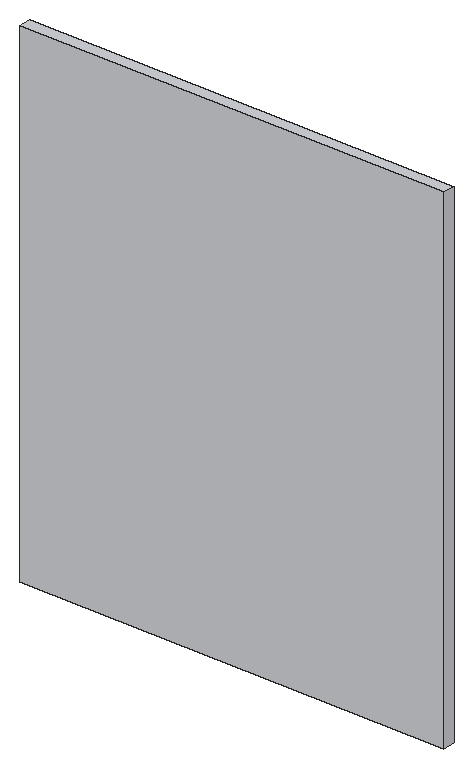
Revit family "Front - Plain", category Casework, Revit 2017
Family settings
  Work Plane-Based = No
  Always vertical = Yes
  Cut with Voids When Loaded = No
  Shared = No
  Room Calculation Point = No
Parameters
  Width = 600 mm
  Swing = yes
  Height = 704 mm
  Front Finish = none
  Depth = 16 mm
  Creator Organization [instance] = "© Danish Educational Content"  # constant formula
  Creator Name [instance] = "© Erik Falck Jørgensen"  # constant formula
  Creator Build [instance] = "2016.0418.0"  # constant formula
  Assembly Code = ""
Reference planes
  plane 1 "Front": y = 0
  plane 2: z = 0
  plane 3 "Center (Left/Right)": x = 0
  plane 4: x = -300
  plane 5: x = 300
  plane 6: z = 704
Forms (mm)
  Extrusion 1, solid, material <- "Front Finish"
    sketch origin (0, 0, 0) x (1, 0, 0) y (0, 0, 1)
      loop
        line (-297, 701) -> (-297, 3) -> (297, 3) -> (297, 701) -> (-297, 701)
    from 0 to 16 <- "Depth"
Lines and regions (mm)
  reference lines
    curve 1: line (-300, 0, 0) -> (392.82, -400, 0)
  symbolic lines, style "Elevation Swing", visible <- "Swing"
    curve 2: line (-300, 0, 0) -> (219.615, -300, 0)
    curve 3: arc (300, 0, 0) -> (279.555, -155.291, 0) -> (219.615, -300, 0) r 600
Dimensions and locks
  equal spacing: plane 4, plane 3 "Center (Left/Right)", plane 5
  "Width": plane 4 to plane 5
  "Height": plane 6 to plane 2
  locked: Extrusion 1 sketch curve to plane 2 at 3
  locked: plane 6 to Extrusion 1 sketch curve at 3
  locked: Extrusion 1 sketch curve to plane 4 at 3
  locked: plane 5 to Extrusion 1 sketch curve at 3
  locked: curve 1 to plane 1 "Front" (angle 30.00°)
  aligned and locked: level to plane 2
  aligned and locked: curve 2 to curve 1
Automatic sketch dimensions
  plane 1 "Front" to curve 1 = 0 mm
  curve 1 to plane 4 = 0 mm
  plane 1 "Front" to curve 3 = 0 mm
  curve 3 to plane 4 = 0 mm
  plane 1 "Front" to curve 2 = 0 mm
  curve 3 to plane 5 = 0 mm
